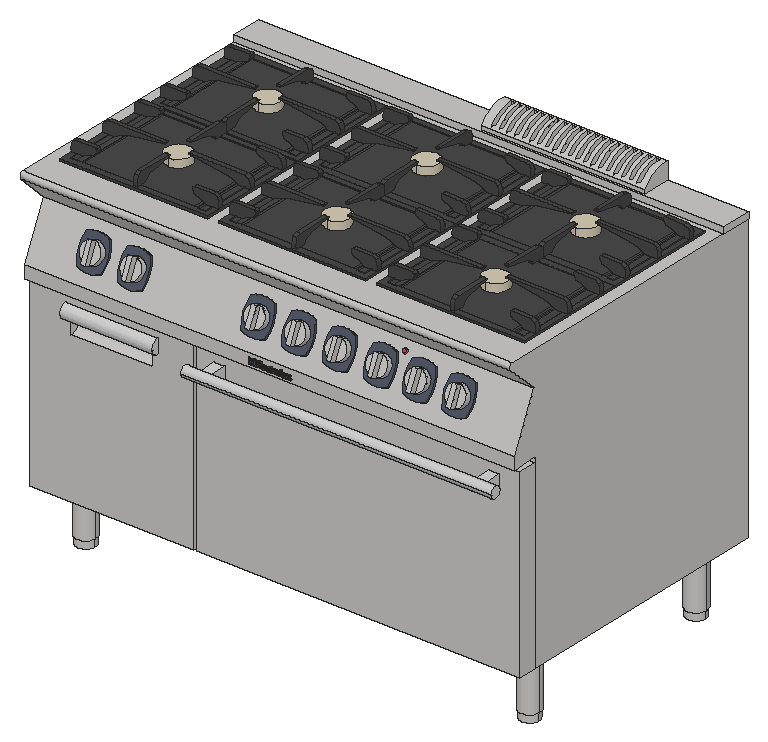
Revit family "QF_ELECTROLUXPROFESSIONAL_371172_E7GCGL6C2A", category Specialty Equipment, Revit 2018
Family settings
  Round Connector Dimension = Use Diameter
  Part Type = Normal
  Work Plane-Based = No
  Always vertical = Yes
  Cut with Voids When Loaded = No
  Shared = No
  Room Calculation Point = No
Parameters (values of type "Standard")
  Weight = 120.00 kg
  Watts = 0 W
  Volts = 380 V
  URL Manufacturer = "http://professional.electrolux.com"
  URL = "http://professional.electrolux.com"
  Steam Supply Size = 0"
  Steam Supply Minimum Pressure = 0.00 psi
  Steam Supply Maximum Pressure = 0.00 psi
  Steam Pounds per Hour = 0
  Show Logo [instance] = yes
  Show Clearance [instance] = yes
  Refrigeration Suction Line Size = 0 mm
  Refrigeration Liquid Line Size = 0 mm
  Refrigerant Compressor Remote = yes
  Phase = 3
  Model = "E7GCGL6C2A"
  Manufacturer = "Electrolux Professional"
  Length Actual = 1200 mm  # constant formula
  Item Number = "371172"
  Hot Water Size = 0"
  Height Actual = 850 mm  # constant formula
  HP = "8 HP"
  Gas Size = 1/2"
  Gas KW = 33
  Gas Input Pressure = 1.10632 Btu/h
  Direct Waste Size = 0"
  Description = "6-BURN.GAS RANGE+EL.OVEN+CUPB.1200MM-AUS"
  Depth Actual = 730 mm  # constant formula
  Cycle = 50 Hz
  Condensate Return Size = 0"
  Compressed Air Volume = 0 GPM
  Compressed Air Size = 0"
  Compressed Air Pressure = 0.00 psi
  Cold Water Size = 0"
  Assembly Code = ""
  Accessory = yes
Reference planes
  plane 1 "BACK": y = 0
  plane 2: z = 0
  plane 3 "LEFT": x = 0
  plane 4 "RIGHT": x = 1200
  plane 5 "FRONT": y = -700
  plane 6 "TOP": z = 908.9
  plane 7 "Center Y": x = 600
  plane 8 "Center X": y = -350
  plane 9 "Base": z = 150
  plane 10: z = 850.9
  plane 11: y = -730.129
  plane 12: y = -1109
Forms (mm)
  Revolve 1, solid, material "QF_Finishes_Stainless Steel"
    sketch origin (1, -90, 0) x (1, 0, 0) y (0, 0, 1)
      loop
        line (55, 0) -> (55, 150) -> (29.6, 150) -> (29.6, 19.05) -> (32.1, 19.05) -> (32.1, 0) -> (55, 0)
      axis (55, 0) -> (55, 150)
    angle from 0 to 360
  Revolve 2, solid, material "QF_Finishes_Stainless Steel"
    sketch origin (1, -599.588, 0) x (1, 0, 0) y (0, 0, 1)
      loop
        line (55, 0) -> (55, 150) -> (29.6, 150) -> (29.6, 19.05) -> (32.1, 19.05) -> (32.1, 0) -> (55, 0)
      axis (55, 0) -> (55, 150)
    angle from 0 to 360
  Revolve 3, solid, material "QF_Finishes_Stainless Steel"
    sketch origin (799, -90, 0) x (-1, 0, 0) y (0, 0, -1)
      loop
        line (-345, 0) -> (-367.9, 0) -> (-367.9, -19.05) -> (-370.4, -19.05) -> (-370.4, -150) -> (-345, -150) -> (-345, 0)
      axis (-345, 0) -> (-345, -150)
    angle from 0 to 360
  Revolve 4, solid, material "QF_Finishes_Stainless Steel"
    sketch origin (799, -599.588, 0) x (-1, 0, 0) y (0, 0, -1)
      loop
        line (-345, 0) -> (-367.9, 0) -> (-367.9, -19.05) -> (-370.4, -19.05) -> (-370.4, -150) -> (-345, -150) -> (-345, 0)
      axis (-345, 0) -> (-345, -150)
    angle from 0 to 360
  Extrusion 5, solid, material "QF_Finishes_Stainless Steel"
    sketch origin (0, 0, 576.213) x (0, 1, 0) y (0, 0, 1)
      loop
        line (0, -426.213) -> (0, 274.687) -> (-721.5, 274.687)
        arc (-721.5, 274.687) -> (-729.472, 269.36) -> (-727.602, 259.956) r 8.63
        line (-727.602, 259.956) -> (-658.266, 190.62) -> (-715.962, 65.264) -> (-715.962, 33.966) -> (-655.839, 38.662)
        arc (-655.839, 38.662) -> (-653.314, 37.914) -> (-652.222, 35.518) r 3.175
        line (-652.222, 35.518) -> (-652.222, -426.213) -> (0, -426.213)
    from 0 to 1200
  Extrusion 6, solid, material "QF_Finishes_Stainless Steel"
    sketch origin (0, -652.222, 611.731) x (0, 0, -1) y (1, 0, 0)
      loop
        line (461.731, 408.5) -> (461.731, 1200) -> (9.61, 1200) -> (9.61, 408.5) -> (461.731, 408.5)
      loop
        line (461.731, 0) -> (461.731, 400.5) -> (9.61, 400.5) -> (9.61, 0) -> (461.731, 0)
      loop
        line (95.781, 100.253) -> (95.781, 300.8) -> (44.981, 300.8) -> (44.981, 100.253) -> (95.781, 100.253)
    from 3.175 to 47.778
  Extrusion 7, solid, material "QF_Finishes_Stainless Steel"
    sketch origin (0, 0, 576.213) x (0, 1, 0) y (0, 0, 1)
      loop
        line (0, 274.687) -> (0, 288.975) -> (-76.2, 288.975) -> (-76.2, 274.687) -> (0, 274.687)
    from 0 to 1200
  Extrusion 8, solid, material "QF_Finishes_Stainless Steel"
    sketch origin (0, 0, 150) x (-1, 0, 0) y (0, -1, 0)
      loop
        circle (-1147.613, 464) r 6.35
    from -8.815 to 7.722
  Extrusion 9, solid, material "QF_Finishes_Door Clearance", visible <- "Show Clearance", detail levels coarse
    sketch origin (0, 0, 0) x (0, 1, 0) y (0, 0, 1)
      loop
        line (-1109, 150) -> (-700, 150) -> (-700, 601.405)
        arc (-700, 601.405) -> (-991.543, 454.568) -> (-1109, 150) r 453.603
    from 0 to 1200
  Extrusion 10, solid, material "QF_Finishes_Clearance", visible <- "Show Clearance", detail levels coarse
    sketch origin (0, 0, 0) x (1, 0, 0) y (0, 1, 0)
      loop
        line (-150, -730.129) -> (0, -730.129) -> (0, 0) -> (1200, 0) -> (1200, -730.129) -> (1350, -730.129) -> (1350, 150) -> (-150, 150) -> (-150, -730.129)
    from 0 to 908.85
  Extrusion 11, solid, material "QF_Finishes_Handrails and Railings"
    sketch origin (400, 0, 0) x (0, 1, 0) y (0, 0, 1)
      loop
        line (-700, 580.001) -> (-738.678, 577.296)
        arc (-738.678, 577.296) -> (-739.871, 563.489) -> (-752.981, 558.993) r 12.7
        arc (-752.981, 558.993) -> (-752.44, 558.176) -> (-751.841, 557.401) r 13.441
        arc (-751.841, 557.401) -> (-750.036, 555.955) -> (-747.808, 555.335) r 5.77
        line (-747.808, 555.335) -> (-700, 551.992) -> (-700, 580.001)
    from 50.8 to 76.2
  Extrusion 12, solid, material "QF_Finishes_Handrails and Railings"
    sketch origin (1200, 0, 0) x (0, 1, 0) y (0, 0, -1)
      loop
        line (-700, -580.001) -> (-700, -551.992) -> (-747.808, -555.335)
        arc (-747.808, -555.335) -> (-750.036, -555.955) -> (-751.841, -557.401) r 5.77
        arc (-751.841, -557.401) -> (-752.44, -558.176) -> (-752.981, -558.993) r 13.441
        arc (-752.981, -558.993) -> (-739.871, -563.489) -> (-738.678, -577.296) r 12.7
        line (-738.678, -577.296) -> (-700, -580.001)
    from 50.8 to 76.2
  Extrusion 13, solid, material "QF_Finishes_Handrails and Railings"
    sketch origin (400, 0, 0) x (0, 1, 0) y (0, 0, 1)
      loop
        circle (-749.878, 571.309) r 12.7
    from 19.875 to 780.125
  Extrusion 14, solid, material "QF_Finishes_Handrails and Railings"
    sketch origin (177.525, -443.896, 1933.213) x (0, 0.885087, 0.465426) y (0, -0.465426, 0.885087)
      loop
        arc (-854.629, -1074.965) -> (-878.641, -1082.427) -> (-871.18, -1106.439) r 17.78
        line (-871.18, -1106.439) -> (-854.629, -1074.965)
    from -89.972 to 135.975
  Extrusion 15, solid, material "QF_Finishes_Stainless Steel"
    sketch origin (-22.5, 0, 28.959) x (0, 1, 0) y (0, 0, 1)
      loop
        line (-700, 486.991) -> (-657.087, 486.991) -> (-657.087, 537.791) -> (-678.147, 537.791) -> (-678.147, 511.464)
        arc (-678.147, 511.464) -> (-684.405, 495.059) -> (-700, 486.991) r 24.63
    from 122.753 to 323.3
  Extrusion 16, solid, material "QF_Finishes_Navy Blue"
    sketch origin (405.244, -713.772, 646.186) x (0, 0.418102, 0.9084) y (-1, 0, 0)
      loop
        arc (102.623, -510.47) -> (67.041, -502.846) -> (31.333, -509.853) r 90.5
        arc (31.333, -509.853) -> (24.507, -539.04) -> (31.333, -568.228) r 65.817
        arc (31.333, -568.228) -> (67.04, -575.188) -> (102.623, -567.615) r 91.066
        arc (102.623, -567.615) -> (109.179, -539.043) -> (102.623, -510.47) r 65.546
    from 0 to 3.175
  Extrusion 17, solid, material "QF_Finishes_Stainless Steel"
    sketch origin (783.994, -717.485, 645.711) x (0, 0.418102, 0.9084) y (-1, 0, 0)
      loop
        circle (68.826, -160.963) r 25.4
    from 0 to 12.7
  Extrusion 18, solid, material "QF_Finishes_Stainless Steel"
    sketch origin (783.994, -729.022, 651.021) x (0, 0.418102, 0.9084) y (-1, 0, 0)
      loop
        arc (93.558, -166.749) -> (94.226, -160.963) -> (93.558, -155.177) r 25.4
        line (93.558, -155.177) -> (44.094, -155.177)
        arc (44.094, -155.177) -> (43.426, -160.963) -> (44.094, -166.749) r 25.4
        line (44.094, -166.749) -> (93.558, -166.749)
    from 0 to 12.7
  Extrusion 19, solid, material "QF_Finishes_Navy Blue"
    sketch origin (-392.256, -713.772, 646.186) x (0, 0.418102, 0.9084) y (-1, 0, 0)
      loop
        arc (102.623, -510.47) -> (67.041, -502.846) -> (31.333, -509.853) r 90.5
        arc (31.333, -509.853) -> (24.507, -539.04) -> (31.333, -568.228) r 65.817
        arc (31.333, -568.228) -> (67.04, -575.188) -> (102.623, -567.615) r 91.066
        arc (102.623, -567.615) -> (109.179, -539.043) -> (102.623, -510.47) r 65.546
    from 0 to 3.175
  Extrusion 20, solid, material "QF_Finishes_Stainless Steel"
    sketch origin (-13.506, -717.485, 645.711) x (0, 0.418102, 0.9084) y (-1, 0, 0)
      loop
        circle (68.826, -160.963) r 25.4
    from 0 to 12.7
  Extrusion 21, solid, material "QF_Finishes_Stainless Steel"
    sketch origin (-13.506, -729.022, 651.021) x (0, 0.418102, 0.9084) y (-1, 0, 0)
      loop
        arc (93.558, -166.749) -> (94.226, -160.963) -> (93.558, -155.177) r 25.4
        line (93.558, -155.177) -> (44.094, -155.177)
        arc (44.094, -155.177) -> (43.426, -160.963) -> (44.094, -166.749) r 25.4
        line (44.094, -166.749) -> (93.558, -166.749)
    from 0 to 12.7
  Extrusion 22, solid, material "QF_Finishes_Navy Blue"
    sketch origin (-292.256, -713.772, 646.186) x (0, 0.418102, 0.9084) y (-1, 0, 0)
      loop
        arc (102.623, -510.47) -> (67.041, -502.846) -> (31.333, -509.853) r 90.5
        arc (31.333, -509.853) -> (24.507, -539.04) -> (31.333, -568.228) r 65.817
        arc (31.333, -568.228) -> (67.04, -575.188) -> (102.623, -567.615) r 91.066
        arc (102.623, -567.615) -> (109.179, -539.043) -> (102.623, -510.47) r 65.546
    from 0 to 3.175
  Extrusion 23, solid, material "QF_Finishes_Stainless Steel"
    sketch origin (86.494, -717.485, 645.711) x (0, 0.418102, 0.9084) y (-1, 0, 0)
      loop
        circle (68.826, -160.963) r 25.4
    from 0 to 12.7
  Extrusion 24, solid, material "QF_Finishes_Stainless Steel"
    sketch origin (86.494, -729.022, 651.021) x (0, 0.418102, 0.9084) y (-1, 0, 0)
      loop
        arc (93.558, -166.749) -> (94.226, -160.963) -> (93.558, -155.177) r 25.4
        line (93.558, -155.177) -> (44.094, -155.177)
        arc (44.094, -155.177) -> (43.426, -160.963) -> (44.094, -166.749) r 25.4
        line (44.094, -166.749) -> (93.558, -166.749)
    from 0 to 12.7
  Extrusion 25, void
    sketch origin (-62.611, 0, 865.138) x (-1, 0, 0) y (0, -1, 0)
      loop
        line (-695.005, 6.761) -> (-685.709, 6.761) -> (-685.709, 63.911) -> (-695.005, 63.911) -> (-695.005, 6.761)
      loop
        line (-713.697, 6.761) -> (-704.401, 6.761) -> (-704.401, 63.911) -> (-713.697, 63.911) -> (-713.697, 6.761)
      loop
        line (-732.39, 6.761) -> (-723.094, 6.761) -> (-723.094, 63.911) -> (-732.39, 63.911) -> (-732.39, 6.761)
      loop
        line (-751.082, 6.761) -> (-741.787, 6.761) -> (-741.787, 63.911) -> (-751.082, 63.911) -> (-751.082, 6.761)
      loop
        line (-769.775, 6.761) -> (-760.479, 6.761) -> (-760.479, 63.911) -> (-769.775, 63.911) -> (-769.775, 6.761)
      loop
        line (-788.468, 6.761) -> (-779.172, 6.761) -> (-779.172, 63.911) -> (-788.468, 63.911) -> (-788.468, 6.761)
      loop
        line (-807.16, 6.761) -> (-797.864, 6.761) -> (-797.864, 63.911) -> (-807.16, 63.911) -> (-807.16, 6.761)
      loop
        line (-825.853, 6.761) -> (-816.557, 6.761) -> (-816.557, 63.911) -> (-825.853, 63.911) -> (-825.853, 6.761)
      loop
        line (-844.545, 6.761) -> (-835.25, 6.761) -> (-835.25, 63.911) -> (-844.545, 63.911) -> (-844.545, 6.761)
      loop
        line (-863.238, 6.761) -> (-853.942, 6.761) -> (-853.942, 63.911) -> (-863.238, 63.911) -> (-863.238, 6.761)
      loop
        line (-881.931, 6.761) -> (-872.635, 6.761) -> (-872.635, 63.911) -> (-881.931, 63.911) -> (-881.931, 6.761)
      loop
        line (-900.623, 6.761) -> (-891.328, 6.761) -> (-891.328, 63.911) -> (-900.623, 63.911) -> (-900.623, 6.761)
      loop
        line (-919.316, 6.761) -> (-910.02, 6.761) -> (-910.02, 63.911) -> (-919.316, 63.911) -> (-919.316, 6.761)
      loop
        line (-938.008, 6.761) -> (-928.713, 6.761) -> (-928.713, 63.911) -> (-938.008, 63.911) -> (-938.008, 6.761)
      loop
        line (-956.701, 6.761) -> (-947.405, 6.761) -> (-947.405, 63.911) -> (-956.701, 63.911) -> (-956.701, 6.761)
      loop
        line (-975.394, 6.761) -> (-966.098, 6.761) -> (-966.098, 63.911) -> (-975.394, 63.911) -> (-975.394, 6.761)
      loop
        line (-994.086, 6.761) -> (-984.791, 6.761) -> (-984.791, 63.911) -> (-994.086, 63.911) -> (-994.086, 6.761)
      loop
        line (-1012.779, 6.761) -> (-1003.483, 6.761) -> (-1003.483, 63.911) -> (-1012.779, 63.911) -> (-1012.779, 6.761)
      loop
        line (-1031.472, 6.761) -> (-1022.176, 6.761) -> (-1022.176, 63.911) -> (-1031.472, 63.911) -> (-1031.472, 6.761)
      loop
        line (-1050.164, 6.761) -> (-1040.868, 6.761) -> (-1040.868, 63.911) -> (-1050.164, 63.911) -> (-1050.164, 6.761)
    from 9.525 to 45.348
  Extrusion 26, solid, material "QF_Finishes_Stainless Steel"
    sketch origin (202.4, 0, 590.5) x (0, 1, 0) y (0, 0, 1)
      loop
        line (0, 274.688) -> (0, 318.4)
        arc (0, 318.4) -> (-39.072, 309.779) -> (-69.85, 284.212) r 84.854
        line (-69.85, 284.212) -> (-69.85, 274.688) -> (0, 274.688)
    from 400 to 800
  Extrusion 27, solid, material "QF_Finishes_Navy Blue"
    sketch origin (502.744, -713.772, 646.186) x (0, 0.418102, 0.9084) y (-1, 0, 0)
      loop
        arc (102.623, -510.47) -> (67.041, -502.846) -> (31.333, -509.853) r 90.5
        arc (31.333, -509.853) -> (24.507, -539.04) -> (31.333, -568.228) r 65.817
        arc (31.333, -568.228) -> (67.04, -575.188) -> (102.623, -567.615) r 91.066
        arc (102.623, -567.615) -> (109.179, -539.043) -> (102.623, -510.47) r 65.546
    from 0 to 3.175
  Extrusion 28, solid, material "QF_Finishes_Stainless Steel"
    sketch origin (881.494, -717.485, 645.711) x (0, 0.418102, 0.9084) y (-1, 0, 0)
      loop
        circle (68.826, -160.963) r 25.4
    from 0 to 12.7
  Extrusion 29, solid, material "QF_Finishes_Stainless Steel"
    sketch origin (881.494, -729.022, 651.021) x (0, 0.418102, 0.9084) y (-1, 0, 0)
      loop
        arc (93.558, -166.749) -> (94.226, -160.963) -> (93.558, -155.177) r 25.4
        line (93.558, -155.177) -> (44.094, -155.177)
        arc (44.094, -155.177) -> (43.426, -160.963) -> (44.094, -166.749) r 25.4
        line (44.094, -166.749) -> (93.558, -166.749)
    from 0 to 12.7
  Extrusion 30, solid, material "QF_Finishes_Navy Blue"
    sketch origin (10.244, -713.772, 646.186) x (0, 0.418102, 0.9084) y (-1, 0, 0)
      loop
        arc (102.623, -510.47) -> (67.041, -502.846) -> (31.333, -509.853) r 90.5
        arc (31.333, -509.853) -> (24.507, -539.04) -> (31.333, -568.228) r 65.817
        arc (31.333, -568.228) -> (67.04, -575.188) -> (102.623, -567.615) r 91.066
        arc (102.623, -567.615) -> (109.179, -539.043) -> (102.623, -510.47) r 65.546
    from 0 to 3.175
  Extrusion 31, solid, material "QF_Finishes_Stainless Steel"
    sketch origin (388.994, -717.485, 645.711) x (0, 0.418102, 0.9084) y (-1, 0, 0)
      loop
        circle (68.826, -160.963) r 25.4
    from 0 to 12.7
  Extrusion 32, solid, material "QF_Finishes_Stainless Steel"
    sketch origin (388.994, -729.022, 651.021) x (0, 0.418102, 0.9084) y (-1, 0, 0)
      loop
        arc (93.558, -166.749) -> (94.226, -160.963) -> (93.558, -155.177) r 25.4
        line (93.558, -155.177) -> (44.094, -155.177)
        arc (44.094, -155.177) -> (43.426, -160.963) -> (44.094, -166.749) r 25.4
        line (44.094, -166.749) -> (93.558, -166.749)
    from 0 to 12.7
  Extrusion 33, solid, material "QF_Finishes_Navy Blue"
    sketch origin (110.244, -713.772, 646.186) x (0, 0.418102, 0.9084) y (-1, 0, 0)
      loop
        arc (102.623, -510.47) -> (67.041, -502.846) -> (31.333, -509.853) r 90.5
        arc (31.333, -509.853) -> (24.507, -539.04) -> (31.333, -568.228) r 65.817
        arc (31.333, -568.228) -> (67.04, -575.188) -> (102.623, -567.615) r 91.066
        arc (102.623, -567.615) -> (109.179, -539.043) -> (102.623, -510.47) r 65.546
    from 0 to 3.175
  Extrusion 34, solid, material "QF_Finishes_Stainless Steel"
    sketch origin (488.994, -717.485, 645.711) x (0, 0.418102, 0.9084) y (-1, 0, 0)
      loop
        circle (68.826, -160.963) r 25.4
    from 0 to 12.7
  Extrusion 35, solid, material "QF_Finishes_Stainless Steel"
    sketch origin (488.994, -729.022, 651.021) x (0, 0.418102, 0.9084) y (-1, 0, 0)
      loop
        arc (93.558, -166.749) -> (94.226, -160.963) -> (93.558, -155.177) r 25.4
        line (93.558, -155.177) -> (44.094, -155.177)
        arc (44.094, -155.177) -> (43.426, -160.963) -> (44.094, -166.749) r 25.4
        line (44.094, -166.749) -> (93.558, -166.749)
    from 0 to 12.7
  Extrusion 36, solid, material "QF_Finishes_Navy Blue"
    sketch origin (210.244, -713.772, 646.186) x (0, 0.418102, 0.9084) y (-1, 0, 0)
      loop
        arc (102.623, -510.47) -> (67.041, -502.846) -> (31.333, -509.853) r 90.5
        arc (31.333, -509.853) -> (24.507, -539.04) -> (31.333, -568.228) r 65.817
        arc (31.333, -568.228) -> (67.04, -575.188) -> (102.623, -567.615) r 91.066
        arc (102.623, -567.615) -> (109.179, -539.043) -> (102.623, -510.47) r 65.546
    from 0 to 3.175
  Extrusion 37, solid, material "QF_Finishes_Stainless Steel"
    sketch origin (588.994, -717.485, 645.711) x (0, 0.418102, 0.9084) y (-1, 0, 0)
      loop
        circle (68.826, -160.963) r 25.4
    from 0 to 12.7
  Extrusion 38, solid, material "QF_Finishes_Stainless Steel"
    sketch origin (588.994, -729.022, 651.021) x (0, 0.418102, 0.9084) y (-1, 0, 0)
      loop
        arc (93.558, -166.749) -> (94.226, -160.963) -> (93.558, -155.177) r 25.4
        line (93.558, -155.177) -> (44.094, -155.177)
        arc (44.094, -155.177) -> (43.426, -160.963) -> (44.094, -166.749) r 25.4
        line (44.094, -166.749) -> (93.558, -166.749)
    from 0 to 12.7
  Extrusion 39, solid, material "QF_Finishes_Navy Blue"
    sketch origin (310.244, -713.772, 646.186) x (0, 0.418102, 0.9084) y (-1, 0, 0)
      loop
        arc (102.623, -510.47) -> (67.041, -502.846) -> (31.333, -509.853) r 90.5
        arc (31.333, -509.853) -> (24.507, -539.04) -> (31.333, -568.228) r 65.817
        arc (31.333, -568.228) -> (67.04, -575.188) -> (102.623, -567.615) r 91.066
        arc (102.623, -567.615) -> (109.179, -539.043) -> (102.623, -510.47) r 65.546
    from 0 to 3.175
  Extrusion 40, solid, material "QF_Finishes_Stainless Steel"
    sketch origin (688.994, -717.485, 645.711) x (0, 0.418102, 0.9084) y (-1, 0, 0)
      loop
        circle (68.826, -160.963) r 25.4
    from 0 to 12.7
  Extrusion 41, solid, material "QF_Finishes_Stainless Steel"
    sketch origin (688.994, -729.022, 651.021) x (0, 0.418102, 0.9084) y (-1, 0, 0)
      loop
        arc (93.558, -166.749) -> (94.226, -160.963) -> (93.558, -155.177) r 25.4
        line (93.558, -155.177) -> (44.094, -155.177)
        arc (44.094, -155.177) -> (43.426, -160.963) -> (44.094, -166.749) r 25.4
        line (44.094, -166.749) -> (93.558, -166.749)
    from 0 to 12.7
  Extrusion 42, solid, material "QF_Finishes_Red"
    sketch origin (0, -658.266, 766.833) x (0, -0.418102, -0.9084) y (1, 0, 0)
      loop
        circle (22.847, 894.112) r 5
    from 0 to 1.6
  Extrusion 43, solid, material "QF_Finishes_Stainless Steel"
    sketch origin (0, -50, 150) x (-1, 0, 0) y (0, -1, 0)
      loop
        circle (-1147.613, 464) r 3.175
    from -1.55 to 7.722
  Extrusion 44, solid, material "QF_Finishes_Navy Blue", visible <- "Show Logo"
    sketch origin (261.109, -715.962, 610.773) x (0, 0, 1) y (-1, 0, 0)
      loop
        line (20.674, -296.698) -> (8.307, -296.698)
        arc (8.307, -296.698) -> (14.491, -301.27) -> (20.674, -296.698) r 6.467
      loop
        arc (20.674, -296.069) -> (19.505, -290.926) -> (14.849, -288.448) r 6.338
        line (14.849, -288.448) -> (14.849, -290.494)
        arc (14.849, -290.494) -> (16.333, -294.149) -> (19.778, -296.069) r 5.941
        line (19.778, -296.069) -> (20.674, -296.069)
      loop
        arc (9.203, -296.069) -> (12.648, -294.149) -> (14.132, -290.494) r 5.941
        line (14.132, -290.494) -> (14.132, -288.448)
        arc (14.132, -288.448) -> (9.438, -290.922) -> (8.148, -296.069) r 6.504
        line (8.148, -296.069) -> (9.203, -296.069)
      loop
        line (21.349, -287.979) -> (7.604, -287.979) -> (7.604, -301.742) -> (21.349, -301.742) -> (21.349, -287.979)
      loop
        arc (21.432, -304.71) -> (21.085, -304.352) -> (20.718, -304.69) r 0.358
        arc (20.718, -304.69) -> (20.404, -305.44) -> (19.687, -305.825) r 1.216
        line (19.687, -305.825) -> (9.274, -305.825)
        arc (9.274, -305.825) -> (8.614, -305.548) -> (8.218, -304.951) r 1.238
        arc (8.218, -304.951) -> (7.823, -304.7) -> (7.518, -305.054) r 0.358
        line (7.518, -305.054) -> (7.518, -314.933) -> (10.269, -314.933) -> (10.269, -314.036)
        arc (10.269, -314.036) -> (9.36, -313.456) -> (8.904, -312.479) r 1.928
        line (8.904, -312.479) -> (8.904, -309.98)
        arc (8.904, -309.98) -> (9.18, -309.251) -> (9.868, -308.887) r 1.101
        line (9.868, -308.887) -> (13.955, -308.887) -> (13.955, -312.561)
        arc (13.955, -312.561) -> (13.602, -313.058) -> (13.037, -313.286) r 1.083
        arc (13.037, -313.286) -> (12.773, -313.591) -> (13.065, -313.869) r 0.292
        line (13.065, -313.869) -> (16.028, -313.869)
        arc (16.028, -313.869) -> (16.33, -313.596) -> (16.092, -313.266) r 0.305
        arc (16.092, -313.266) -> (15.601, -313.018) -> (15.296, -312.561) r 1.083
        line (15.296, -312.561) -> (15.296, -308.887) -> (19.973, -308.887) -> (19.973, -312.635)
        arc (19.973, -312.635) -> (19.759, -313.39) -> (19.153, -313.888) r 1.314
        arc (19.153, -313.888) -> (18.934, -314.292) -> (19.288, -314.585) r 0.361
        line (19.288, -314.585) -> (21.432, -314.585) -> (21.432, -304.71)
      loop
        arc (20.715, -315.365) -> (20.335, -316.284) -> (19.416, -316.664) r 1.299
        line (19.416, -316.664) -> (9.837, -316.664)
        arc (9.837, -316.664) -> (8.999, -316.286) -> (8.728, -315.408) r 1.118
        line (8.728, -315.408) -> (7.518, -315.408) -> (7.518, -320.758) -> (8.706, -320.758)
        arc (8.706, -320.758) -> (8.978, -319.841) -> (9.848, -319.445) r 1.153
        line (9.848, -319.445) -> (21.92, -319.445) -> (20.715, -315.365)
      loop
        line (12.483, -323.394) -> (12.483, -329.842) -> (13.282, -329.842)
        arc (13.282, -329.842) -> (15.862, -328.857) -> (17.131, -326.404) r 3.874
        line (17.131, -326.404) -> (17.131, -324.643)
        arc (17.131, -324.643) -> (15.944, -321.778) -> (13.08, -320.592) r 4.051
        line (13.08, -320.592) -> (11.072, -320.592)
        arc (11.072, -320.592) -> (8.253, -322.077) -> (7.202, -325.084) r 4.352
        arc (7.202, -325.084) -> (7.566, -327.547) -> (8.943, -329.621) r 5.713
        line (8.943, -329.621) -> (9.892, -329.621)
        arc (9.892, -329.621) -> (9.16, -328.052) -> (8.943, -326.334) r 5.579
        arc (8.943, -326.334) -> (9.737, -324.371) -> (11.616, -323.394) r 3.057
        line (11.616, -323.394) -> (12.483, -323.394)
      loop
        line (13.742, -323.394) -> (13.742, -326.977)
        arc (13.742, -326.977) -> (15.199, -327.024) -> (16.082, -325.864) r 1.59
        line (16.082, -325.864) -> (16.082, -325.034)
        arc (16.082, -325.034) -> (15.217, -323.779) -> (13.742, -323.394) r 2.184
      loop
        arc (16.533, -339.259) -> (17.022, -337.585) -> (17.179, -335.848) r 9.023
        line (17.179, -335.848) -> (17.179, -334.486)
        arc (17.179, -334.486) -> (16.02, -331.686) -> (13.22, -330.527) r 3.959
        line (13.22, -330.527) -> (10.62, -330.527)
        arc (10.62, -330.527) -> (8.338, -331.819) -> (7.221, -334.192) r 4.331
        line (7.221, -334.192) -> (7.221, -336.327)
        arc (7.221, -336.327) -> (7.729, -337.877) -> (8.651, -339.223) r 5.772
        arc (8.651, -339.223) -> (9.412, -339.274) -> (9.499, -338.515) r 0.553
        arc (9.499, -338.515) -> (9.111, -337.781) -> (8.977, -336.962) r 2.573
        line (8.977, -336.962) -> (8.977, -335.447)
        arc (8.977, -335.447) -> (9.983, -333.806) -> (11.798, -333.163) r 2.884
        line (11.798, -333.163) -> (13.077, -333.163)
        arc (13.077, -333.163) -> (14.898, -333.723) -> (15.824, -335.388) r 2.554
        line (15.824, -335.388) -> (15.824, -336.441)
        arc (15.824, -336.441) -> (15.493, -337.369) -> (14.836, -338.104) r 2.564
        arc (14.836, -338.104) -> (14.614, -338.821) -> (15.223, -339.259) r 0.643
        line (15.223, -339.259) -> (16.533, -339.259)
      loop
        line (15.515, -339.53) -> (15.515, -341.031) -> (9.467, -341.031)
        arc (9.467, -341.031) -> (7.879, -341.688) -> (7.221, -343.276) r 2.246
        line (7.221, -343.276) -> (7.221, -344.86)
        arc (7.221, -344.86) -> (7.535, -345.725) -> (8.035, -346.496) r 4.06
        arc (8.035, -346.496) -> (8.768, -346.629) -> (9.019, -345.928) r 0.576
        arc (9.019, -345.928) -> (8.913, -345.403) -> (8.977, -344.87) r 1.69
        arc (8.977, -344.87) -> (9.519, -344.082) -> (10.425, -343.779) r 1.506
        line (10.425, -343.779) -> (15.563, -343.779) -> (15.563, -346.176) -> (16.119, -346.733) -> (16.941, -346.733) -> (16.941, -343.873) -> (20.172, -343.873) -> (15.515, -339.53)
      loop
        line (7.438, -347.63) -> (7.438, -353.017) -> (8.548, -353.017)
        arc (8.548, -353.017) -> (8.942, -352.066) -> (9.893, -351.672) r 1.345
        line (9.893, -351.672) -> (13.509, -351.672)
        arc (13.509, -351.672) -> (14.274, -352.264) -> (14.564, -353.186) r 1.615
        line (14.564, -353.186) -> (14.564, -354.742) -> (17.119, -355.427) -> (17.119, -354.044) -> (15.177, -351.485) -> (17.057, -351.485) -> (16.773, -348.779)
        arc (16.773, -348.779) -> (16.333, -348.249) -> (15.674, -348.45) r 0.621
        arc (15.674, -348.45) -> (15.274, -348.792) -> (14.78, -348.975) r 1.501
        line (14.78, -348.975) -> (9.893, -348.975)
        arc (9.893, -348.975) -> (8.942, -348.581) -> (8.548, -347.63) r 1.345
        line (8.548, -347.63) -> (7.438, -347.63)
      loop
        line (13.54, -354.964) -> (10.848, -354.964)
        arc (10.848, -354.964) -> (8.403, -356.272) -> (7.269, -358.803) r 4.288
        arc (7.269, -358.803) -> (7.205, -360.183) -> (7.269, -361.563) r 15.022
        arc (7.269, -361.563) -> (8.403, -364.094) -> (10.848, -365.401) r 4.288
        line (10.848, -365.401) -> (13.54, -365.401)
        arc (13.54, -365.401) -> (15.986, -364.094) -> (17.119, -361.563) r 4.288
        arc (17.119, -361.563) -> (17.183, -360.183) -> (17.119, -358.803) r 15.022
        arc (17.119, -358.803) -> (15.986, -356.272) -> (13.54, -354.964) r 4.288
      loop
        line (13.745, -358.078) -> (10.643, -358.078)
        arc (10.643, -358.078) -> (8.486, -360.235) -> (10.643, -362.392) r 2.157
        line (10.643, -362.392) -> (13.745, -362.392)
        arc (13.745, -362.392) -> (15.902, -360.235) -> (13.745, -358.078) r 2.157
      loop
        arc (20.726, -365.26) -> (20.355, -366.154) -> (19.461, -366.524) r 1.264
        line (19.461, -366.524) -> (9.597, -366.524)
        arc (9.597, -366.524) -> (8.727, -366.127) -> (8.455, -365.211) r 1.153
        line (8.455, -365.211) -> (7.518, -365.211) -> (7.518, -370.319) -> (8.446, -370.319)
        arc (8.446, -370.319) -> (8.805, -369.547) -> (9.597, -369.232) r 1.153
        line (9.597, -369.232) -> (21.92, -369.232) -> (20.726, -365.26)
      loop
        arc (15.846, -369.857) -> (15.647, -370.921) -> (14.678, -371.403) r 1.215
        line (14.678, -371.403) -> (9.658, -371.403)
        arc (9.658, -371.403) -> (8.043, -372.051) -> (7.322, -373.634) r 2.338
        line (7.322, -373.634) -> (7.322, -375.148)
        arc (7.322, -375.148) -> (7.497, -376.152) -> (7.999, -377.038) r 2.979
        line (7.999, -377.038) -> (7.518, -378.835) -> (7.518, -380.524) -> (16.943, -380.524) -> (16.649, -376.32) -> (15.863, -376.32)
        arc (15.863, -376.32) -> (15.507, -377.156) -> (14.755, -377.665) r 1.605
        line (14.755, -377.665) -> (9.652, -377.665)
        arc (9.652, -377.665) -> (9.232, -376.728) -> (9.159, -375.704) r 2.94
        arc (9.159, -375.704) -> (9.72, -374.603) -> (10.873, -374.16) r 1.724
        line (10.873, -374.16) -> (17.07, -374.16) -> (15.846, -369.857)
      loop
        line (16.874, -381.377) -> (15.202, -383.423) -> (12.028, -385.729) -> (8.572, -382.617)
        arc (8.572, -382.617) -> (8.335, -382.223) -> (8.357, -381.764) r 0.789
        line (8.357, -381.764) -> (7.518, -381.764) -> (7.518, -385.309) -> (8.344, -385.309)
        arc (8.344, -385.309) -> (8.686, -384.947) -> (9.176, -385.039) r 0.52
        line (9.176, -385.039) -> (10.976, -386.51) -> (8.858, -387.886)
        arc (8.858, -387.886) -> (8.457, -387.576) -> (8.37, -387.076) r 0.7
        line (8.37, -387.076) -> (7.518, -387.076) -> (7.518, -393.003) -> (8.405, -393.003)
        arc (8.405, -393.003) -> (8.472, -392.344) -> (8.866, -391.813) r 1.247
        line (8.866, -391.813) -> (13.066, -388.532) -> (15.513, -390.585) -> (16.874, -392.327) -> (16.874, -388.604) -> (15.389, -389.026) -> (13.868, -387.749) -> (15.568, -386.559) -> (16.874, -387.336) -> (16.874, -381.377)
    from 0 to 1.644
Cuts and joins
  Extrusion 25 cuts Extrusion 7
  joined: Extrusion 6, Extrusion 15
  Extrusion 25 cuts Extrusion 10
  Extrusion 25 cuts Extrusion 26
Lines and regions (mm)
  symbolic lines, style "QF-Door Swings"
    curve 1: line (0, -730.129, 150) -> (0, -1109, 150)
    curve 2: line (0, -1109, 150) -> (1200, -1109, 150)
    curve 3: line (1200, -1109, 150) -> (1200, -730.129, 150)
  symbolic lines
    curve 4: line (1200, -730.129, 150) -> (0, -730.129, 150)
    curve 5: line (0, 0, 150) -> (0, -730.129, 150)
    curve 6: line (0, -69.85, 150) -> (1200, -69.85, 150)
    curve 7: line (0, -76.2, 150) -> (1200, -76.2, 150)
    curve 8: line (1200, -730.129, 150) -> (1200, 0, 150)
    curve 9: line (0, 0, 150) -> (1200, 0, 150)
    curve 13: line (1180.125, -762.578, 150) -> (419.875, -762.578, 150)
    curve 14: line (1180.125, -737.178, 150) -> (1180.125, -762.578, 150)
    curve 15: line (1149.2, -738.678, 150) -> (1149.2, -730.129, 150)
    curve 16: line (1123.8, -738.678, 150) -> (1123.8, -730.129, 150)
    curve 17: line (1123.8, -738.678, 150) -> (1149.2, -738.678, 150)
    curve 18: line (419.875, -737.178, 150) -> (450.8, -737.178, 150)
    curve 19: line (1149.2, -737.178, 150) -> (1180.125, -737.178, 150)
    curve 20: line (632.394, -6.761, 150) -> (632.394, -63.911, 150)
    curve 21: line (632.394, -63.911, 150) -> (623.098, -63.911, 150)
    curve 22: line (623.098, -63.911, 150) -> (623.098, -6.761, 150)
    curve 23: line (623.098, -6.761, 150) -> (632.394, -6.761, 150)
    curve 24: line (838.012, -6.761, 150) -> (838.012, -63.911, 150)
    curve 25: line (838.012, -63.911, 150) -> (828.717, -63.911, 150)
    curve 26: line (828.717, -63.911, 150) -> (828.717, -6.761, 150)
    curve 27: line (828.717, -6.761, 150) -> (838.012, -6.761, 150)
    curve 28: line (819.32, -6.761, 150) -> (819.32, -63.911, 150)
    curve 29: line (819.32, -63.911, 150) -> (810.024, -63.911, 150)
    curve 30: line (810.024, -63.911, 150) -> (810.024, -6.761, 150)
    curve 31: line (810.024, -6.761, 150) -> (819.32, -6.761, 150)
    curve 32: line (800.627, -6.761, 150) -> (800.627, -63.911, 150)
    curve 33: line (800.627, -63.911, 150) -> (791.331, -63.911, 150)
    curve 34: line (791.331, -63.911, 150) -> (791.331, -6.761, 150)
    curve 35: line (791.331, -6.761, 150) -> (800.627, -6.761, 150)
    curve 36: line (781.934, -6.761, 150) -> (781.934, -63.911, 150)
    curve 37: line (781.934, -63.911, 150) -> (772.639, -63.911, 150)
    curve 38: line (772.639, -63.911, 150) -> (772.639, -6.761, 150)
    curve 39: line (772.639, -6.761, 150) -> (781.934, -6.761, 150)
    curve 40: line (763.242, -6.761, 150) -> (763.242, -63.911, 150)
    curve 41: line (763.242, -63.911, 150) -> (753.946, -63.911, 150)
    curve 42: line (753.946, -63.911, 150) -> (753.946, -6.761, 150)
    curve 43: line (753.946, -6.761, 150) -> (763.242, -6.761, 150)
    curve 44: line (744.549, -6.761, 150) -> (744.549, -63.911, 150)
    curve 45: line (744.549, -63.911, 150) -> (735.253, -63.911, 150)
    curve 46: line (735.253, -63.911, 150) -> (735.253, -6.761, 150)
    curve 47: line (735.253, -6.761, 150) -> (744.549, -6.761, 150)
    curve 48: line (725.857, -6.761, 150) -> (725.857, -63.911, 150)
    curve 49: line (725.857, -63.911, 150) -> (716.561, -63.911, 150)
    curve 50: line (716.561, -63.911, 150) -> (716.561, -6.761, 150)
    curve 51: line (716.561, -6.761, 150) -> (725.857, -6.761, 150)
    curve 52: line (707.164, -6.761, 150) -> (707.164, -63.911, 150)
    curve 53: line (707.164, -63.911, 150) -> (697.868, -63.911, 150)
    curve 54: line (697.868, -63.911, 150) -> (697.868, -6.761, 150)
    curve 55: line (697.868, -6.761, 150) -> (707.164, -6.761, 150)
    curve 56: line (688.471, -6.761, 150) -> (688.471, -63.911, 150)
    curve 57: line (688.471, -63.911, 150) -> (679.176, -63.911, 150)
    curve 58: line (679.176, -63.911, 150) -> (679.176, -6.761, 150)
    curve 59: line (679.176, -6.761, 150) -> (688.471, -6.761, 150)
    curve 60: line (669.779, -6.761, 150) -> (669.779, -63.911, 150)
    curve 61: line (669.779, -63.911, 150) -> (660.483, -63.911, 150)
    curve 62: line (660.483, -63.911, 150) -> (660.483, -6.761, 150)
    curve 63: line (660.483, -6.761, 150) -> (669.779, -6.761, 150)
    curve 64: line (651.086, -6.761, 150) -> (651.086, -63.911, 150)
    curve 65: line (651.086, -63.911, 150) -> (641.79, -63.911, 150)
    curve 66: line (641.79, -63.911, 150) -> (641.79, -6.761, 150)
    curve 67: line (641.79, -6.761, 150) -> (651.086, -6.761, 150)
    curve 68: line (987.553, -6.761, 150) -> (987.553, -63.911, 150)
    curve 69: line (987.553, -63.911, 150) -> (978.257, -63.911, 150)
    curve 70: line (978.257, -63.911, 150) -> (978.257, -6.761, 150)
    curve 71: line (978.257, -6.761, 150) -> (987.553, -6.761, 150)
    curve 72: line (968.861, -6.761, 150) -> (968.861, -63.911, 150)
    curve 73: line (968.861, -63.911, 150) -> (959.565, -63.911, 150)
    curve 74: line (959.565, -63.911, 150) -> (959.565, -6.761, 150)
    curve 75: line (959.565, -6.761, 150) -> (968.861, -6.761, 150)
    curve 76: line (950.168, -6.761, 150) -> (950.168, -63.911, 150)
    curve 77: line (950.168, -63.911, 150) -> (940.872, -63.911, 150)
    curve 78: line (940.872, -63.911, 150) -> (940.872, -6.761, 150)
    curve 79: line (940.872, -6.761, 150) -> (950.168, -6.761, 150)
    curve 80: line (931.475, -6.761, 150) -> (931.475, -63.911, 150)
    curve 81: line (931.475, -63.911, 150) -> (922.18, -63.911, 150)
    curve 82: line (922.18, -63.911, 150) -> (922.18, -6.761, 150)
    curve 83: line (922.18, -6.761, 150) -> (931.475, -6.761, 150)
    curve 84: line (912.783, -6.761, 150) -> (912.783, -63.911, 150)
    curve 85: line (912.783, -63.911, 150) -> (903.487, -63.911, 150)
    curve 86: line (903.487, -63.911, 150) -> (903.487, -6.761, 150)
    curve 87: line (903.487, -6.761, 150) -> (912.783, -6.761, 150)
    curve 88: line (894.09, -6.761, 150) -> (894.09, -63.911, 150)
    curve 89: line (894.09, -63.911, 150) -> (884.794, -63.911, 150)
    curve 90: line (884.794, -63.911, 150) -> (884.794, -6.761, 150)
    curve 91: line (884.794, -6.761, 150) -> (894.09, -6.761, 150)
    curve 92: line (875.397, -6.761, 150) -> (875.397, -63.911, 150)
    curve 93: line (875.397, -63.911, 150) -> (866.102, -63.911, 150)
    curve 94: line (866.102, -63.911, 150) -> (866.102, -6.761, 150)
    curve 95: line (866.102, -6.761, 150) -> (875.397, -6.761, 150)
    curve 96: line (856.705, -6.761, 150) -> (856.705, -63.911, 150)
    curve 97: line (856.705, -63.911, 150) -> (847.409, -63.911, 150)
    curve 98: line (847.409, -63.911, 150) -> (847.409, -6.761, 150)
    curve 99: line (847.409, -6.761, 150) -> (856.705, -6.761, 150)
    curve 100: line (1002.4, -69.85, 150) -> (1002.4, 0, 150)
    curve 101: line (602.4, -69.85, 150) -> (602.4, 0, 150)
    curve 102: line (450.8, -738.678, 150) -> (450.8, -730.129, 150)
    curve 103: line (476.2, -730.129, 150) -> (476.2, -738.678, 150)
    curve 104: line (419.875, -737.178, 150) -> (450.8, -737.178, 150)
    curve 105: line (419.875, -762.578, 150) -> (419.875, -737.178, 150)
    curve 106: line (450.8, -738.678, 150) -> (476.2, -738.678, 150)
    curve 107: line (476.2, -737.178, 150) -> (1123.8, -737.178, 150)
  symbolic lines, style "QF-Clearances", visible <- "Show Clearance", detail levels coarse
    curve 10: line (-150, -730.129, 150) -> (-150, 150, 150)
    curve 11: line (-150, 150, 150) -> (1350, 150, 150)
    curve 12: line (1350, 150, 150) -> (1350, -730.129, 150)
Dimensions and locks
  equal spacing: plane 3 "LEFT", plane 7 "Center Y", plane 4 "RIGHT"
  plane 3 "LEFT" to plane 4 "RIGHT" = 1200 mm
  equal spacing: plane 5 "FRONT", plane 8 "Center X", plane 1 "BACK"
  plane 5 "FRONT" to plane 1 "BACK" = 700 mm
  plane 6 "TOP" to level = 908.9 mm
  plane 9 "Base" to level = 150 mm
  plane 6 "TOP" to plane 10 = 58 mm  (x2)
  plane 1 "BACK" to plane 11 = 730.129 mm
  plane 1 "BACK" to plane 12 = 1109 mm
  aligned and locked: level to plane 2
Automatic sketch dimensions
  Revolve 1 sketch curve to plane 9 "Base" = 0 mm  (x2)
  Revolve 1 sketch curve to level = 0 mm
  plane 3 "LEFT" to Revolve 1 sketch curve = 30.6 mm
  Revolve 1 sketch curve to Revolve 1 sketch curve = 2.5 mm
  Revolve 1 sketch curve to Revolve 1 sketch curve = 25.4 mm
  Revolve 1 sketch curve to Revolve 1 sketch curve = 0 mm
  level to Revolve 1 sketch curve = 19.05 mm
  plane 9 "Base" to Revolve 1 sketch curve = 20 mm
  Revolve 2 sketch curve to plane 9 "Base" = 0 mm  (x2)
  Revolve 2 sketch curve to level = 0 mm
  plane 3 "LEFT" to Revolve 2 sketch curve = 30.6 mm
  Revolve 2 sketch curve to Revolve 2 sketch curve = 2.5 mm
  Revolve 2 sketch curve to Revolve 2 sketch curve = 25.4 mm
  Revolve 2 sketch curve to Revolve 2 sketch curve = 0 mm
  level to Revolve 2 sketch curve = 19.05 mm
  plane 9 "Base" to Revolve 2 sketch curve = 20 mm
  Revolve 3 sketch curve to plane 9 "Base" = 0 mm  (x2)
  Revolve 3 sketch curve to level = 0 mm
  Revolve 3 sketch curve to plane 4 "RIGHT" = 30.6 mm
  Revolve 3 sketch curve to Revolve 3 sketch curve = 2.5 mm
  Revolve 3 sketch curve to Revolve 3 sketch curve = 25.4 mm
  Revolve 3 sketch curve to Revolve 3 sketch curve = 0 mm
  plane 9 "Base" to Revolve 3 sketch curve = 20 mm
  level to Revolve 3 sketch curve = 19.05 mm
  Revolve 4 sketch curve to plane 9 "Base" = 0 mm  (x2)
  Revolve 4 sketch curve to level = 0 mm
  Revolve 4 sketch curve to plane 4 "RIGHT" = 30.6 mm
  Revolve 4 sketch curve to Revolve 4 sketch curve = 2.5 mm
  Revolve 4 sketch curve to Revolve 4 sketch curve = 25.4 mm
  Revolve 4 sketch curve to Revolve 4 sketch curve = 0 mm
  plane 9 "Base" to Revolve 4 sketch curve = 20 mm
  level to Revolve 4 sketch curve = 19.05 mm
  Extrusion 5 sketch curve to plane 10 = 0 mm
  Extrusion 5 sketch curve to plane 9 "Base" = 0 mm
  Extrusion 5 sketch curve to plane 1 "BACK" = 0 mm
  Extrusion 5 sketch curve to plane 5 "FRONT" = 47.778 mm
  Extrusion 5 sketch curve to Extrusion 5 sketch curve = 3.175 mm
  Extrusion 5 sketch curve to Extrusion 5 sketch curve = 0.442 mm
  Extrusion 5 sketch curve to plane 5 "FRONT" = 41.734 mm
  Extrusion 5 sketch curve to plane 11 = 14.167 mm
  Extrusion 5 sketch curve to plane 11 = 8.63 mm
  Extrusion 5 sketch curve to plane 11 = 2.528 mm
  Extrusion 5 sketch curve to plane 10 = 240.721 mm
  Extrusion 5 sketch curve to Extrusion 5 sketch curve = 1.552 mm
  Extrusion 5 sketch curve to Extrusion 5 sketch curve = 31.298 mm
  Extrusion 5 sketch curve to plane 10 = 84.067 mm
  Extrusion 5 sketch curve to plane 10 = 14.732 mm
  Extrusion 6 sketch curve to Extrusion 5 = 0 mm  (x3)
  Extrusion 5 to Extrusion 6 sketch curve = 0 mm
  Extrusion 5 to Extrusion 6 sketch curve = 95.781 mm
  Extrusion 5 to Extrusion 6 sketch curve = 44.981 mm
  Extrusion 5 to Extrusion 6 sketch curve = 9.61 mm  (x2)
  Extrusion 5 to Extrusion 6 sketch curve = 100.253 mm
  Extrusion 6 sketch curve to Extrusion 6 sketch curve = 200.547 mm
  Extrusion 6 sketch curve to Extrusion 6 sketch curve = 99.7 mm
  Extrusion 6 sketch curve to Extrusion 6 sketch curve = 8 mm
  Extrusion 7 sketch curve to plane 10 = 0 mm
  Extrusion 7 sketch curve to plane 1 "BACK" = 0 mm
  plane 10 to Extrusion 7 sketch curve = 14.288 mm
  Extrusion 7 sketch curve to Extrusion 7 sketch curve = 76.2 mm
  Extrusion 8 sketch curve to plane 4 "RIGHT" = 52.387 mm
  Extrusion 8 sketch curve to plane 8 "Center X" = 114 mm
  Extrusion 9 sketch curve to plane 9 "Base" = 0 mm
  Extrusion 9 sketch curve to plane 12 = 0 mm
  Extrusion 9 sketch curve to plane 5 "FRONT" = 0 mm
  Extrusion 9 sketch curve to Extrusion 9 sketch curve = 44.603 mm
  plane 11 to curve 12 = 0 mm
  curve 3 to plane 4 "RIGHT" = 0 mm
  curve 4 to plane 4 "RIGHT" = 0 mm
  plane 11 to curve 15 = 0 mm
  plane 1 "BACK" to curve 100 = 0 mm
  curve 2 to plane 3 "LEFT" = 0 mm
  curve 4 to plane 3 "LEFT" = 0 mm
  plane 11 to curve 10 = 0 mm
  plane 12 to curve 2 = 0 mm
  curve 12 to curve 4 = 150 mm
  curve 14 to plane 4 "RIGHT" = 19.875 mm
  curve 14 to curve 15 = 30.925 mm
  plane 11 to curve 107 = 7.049 mm
  curve 19 to curve 107 = 25.4 mm
  plane 1 "BACK" to curve 100 = 69.85 mm
  curve 100 to plane 4 "RIGHT" = 197.6 mm
  curve 100 to curve 68 = 14.847 mm
  curve 68 to curve 69 = 9.296 mm
  curve 70 to curve 75 = 9.397 mm
  curve 72 to curve 73 = 9.296 mm
  curve 73 to curve 77 = 9.397 mm
  curve 76 to curve 79 = 9.296 mm
  curve 77 to curve 80 = 9.397 mm
  curve 80 to curve 83 = 9.296 mm
  curve 81 to curve 85 = 9.397 mm
  curve 84 to curve 87 = 9.296 mm
  curve 85 to curve 89 = 9.397 mm
  curve 88 to curve 90 = 9.296 mm
  curve 90 to curve 92 = 9.397 mm
  curve 92 to curve 94 = 9.296 mm
  curve 93 to curve 96 = 9.397 mm
  curve 96 to curve 97 = 9.296 mm
  curve 97 to curve 24 = 9.397 mm
  curve 24 to curve 27 = 9.296 mm
  curve 25 to curve 29 = 9.397 mm
  curve 28 to curve 31 = 9.296 mm
  curve 29 to curve 33 = 9.397 mm
  curve 32 to curve 34 = 9.296 mm
  curve 33 to curve 36 = 9.397 mm
  curve 36 to curve 37 = 9.296 mm
  curve 38 to curve 40 = 9.397 mm
  curve 40 to curve 42 = 9.296 mm
  curve 42 to curve 44 = 9.397 mm
  curve 44 to curve 47 = 9.296 mm
  curve 45 to curve 48 = 9.397 mm
  curve 48 to curve 50 = 9.296 mm
  curve 49 to curve 53 = 9.397 mm
  curve 52 to curve 54 = 9.296 mm
  curve 53 to curve 56 = 9.397 mm
  curve 56 to curve 58 = 9.296 mm
  curve 58 to curve 63 = 9.397 mm
  curve 60 to curve 62 = 9.296 mm
  curve 61 to curve 64 = 9.397 mm
  curve 64 to curve 66 = 9.296 mm
  curve 66 to curve 23 = 9.397 mm
  curve 20 to curve 22 = 9.296 mm
  plane 7 "Center Y" to curve 101 = 2.4 mm
  plane 11 to curve 103 = 8.549 mm
  curve 103 to plane 7 "Center Y" = 123.8 mm
  plane 11 to curve 104 = 7.049 mm
  curve 107 to curve 104 = 25.4 mm
  curve 102 to curve 13 = 30.925 mm
  curve 11 to plane 3 "LEFT" = 150 mm
  curve 12 to plane 1 "BACK" = 150 mm
  plane 1 "BACK" to curve 86 = 6.761 mm
  plane 1 "BACK" to curve 83 = 6.761 mm
  plane 1 "BACK" to curve 88 = 6.761 mm
  plane 1 "BACK" to curve 92 = 6.761 mm
  plane 1 "BACK" to curve 79 = 6.761 mm
  plane 1 "BACK" to curve 54 = 6.761 mm
  plane 1 "BACK" to curve 99 = 6.761 mm
  plane 1 "BACK" to curve 75 = 6.761 mm
  plane 1 "BACK" to curve 20 = 6.761 mm
  plane 1 "BACK" to curve 71 = 6.761 mm
  plane 1 "BACK" to curve 24 = 6.761 mm
  plane 1 "BACK" to curve 67 = 6.761 mm
  plane 1 "BACK" to curve 28 = 6.761 mm
  plane 1 "BACK" to curve 63 = 6.761 mm
  plane 1 "BACK" to curve 32 = 6.761 mm
  plane 1 "BACK" to curve 59 = 6.761 mm
  plane 1 "BACK" to curve 36 = 6.761 mm
  plane 1 "BACK" to curve 51 = 6.761 mm
  plane 1 "BACK" to curve 40 = 6.761 mm
  plane 1 "BACK" to curve 47 = 6.761 mm
  curve 46 to curve 46 = 57.15 mm
  curve 44 to curve 42 = 0 mm
  curve 48 to curve 45 = 0 mm
  curve 40 to curve 38 = 0 mm
  curve 52 to curve 49 = 0 mm
  curve 94 to curve 94 = 57.15 mm
  curve 36 to curve 34 = 0 mm
  curve 56 to curve 53 = 0 mm
  curve 32 to curve 30 = 0 mm
  curve 60 to curve 57 = 0 mm
  curve 28 to curve 26 = 0 mm
  curve 64 to curve 61 = 0 mm
  curve 22 to curve 65 = 0 mm
  curve 68 to curve 100 = 5.939 mm
  curve 96 to curve 93 = 0 mm
  curve 72 to curve 69 = 0 mm
  curve 76 to curve 73 = 0 mm
  curve 92 to curve 90 = 0 mm
  curve 80 to curve 77 = 0 mm
  curve 88 to curve 86 = 0 mm
  curve 6 to curve 7 = 6.35 mm
  plane 11 to curve 19 = 7.049 mm
  curve 19 to curve 15 = 1.5 mm
  curve 14 to curve 13 = 25.4 mm
  plane 11 to Extrusion 10 sketch curve = 0 mm  (x2)
  Extrusion 10 sketch curve to plane 3 "LEFT" = 0 mm
  plane 1 "BACK" to Extrusion 10 sketch curve = 0 mm
  Extrusion 10 sketch curve to plane 4 "RIGHT" = 0 mm
  Extrusion 10 sketch curve to plane 3 "LEFT" = 150 mm
  plane 4 "RIGHT" to Extrusion 10 sketch curve = 150 mm
  Extrusion 10 sketch curve to plane 1 "BACK" = 150 mm
  Extrusion 11 sketch curve to plane 5 "FRONT" = 0 mm
  plane 11 to Extrusion 11 sketch curve = 8.549 mm
  plane 11 to Extrusion 11 sketch curve = 11.379 mm
  Extrusion 11 sketch curve to Extrusion 11 sketch curve = 5.898 mm
  Extrusion 11 sketch curve to Extrusion 11 sketch curve = 0.402 mm
  Extrusion 11 sketch curve to Extrusion 11 sketch curve = 8.37 mm
  Extrusion 11 sketch curve to Extrusion 11 sketch curve = 4.033 mm
  Extrusion 11 sketch curve to Extrusion 11 sketch curve = 0 mm  (x2)
  Extrusion 11 sketch curve to Extrusion 11 sketch curve = 1.139 mm
  Extrusion 11 sketch curve to plane 10 = 298.908 mm
  Extrusion 11 sketch curve to Extrusion 11 sketch curve = 3.343 mm
  Extrusion 11 sketch curve to Extrusion 11 sketch curve = 2.066 mm
  Extrusion 11 sketch curve to Extrusion 11 sketch curve = 5.312 mm
  Extrusion 11 sketch curve to Extrusion 11 sketch curve = 28.009 mm
  Extrusion 12 sketch curve to plane 5 "FRONT" = 0 mm
  plane 11 to Extrusion 12 sketch curve = 8.549 mm
  plane 11 to Extrusion 12 sketch curve = 11.379 mm
  Extrusion 12 sketch curve to Extrusion 12 sketch curve = 5.898 mm
  Extrusion 12 sketch curve to Extrusion 12 sketch curve = 0.402 mm
  Extrusion 12 sketch curve to Extrusion 12 sketch curve = 8.37 mm
  Extrusion 12 sketch curve to Extrusion 12 sketch curve = 4.033 mm
  Extrusion 12 sketch curve to Extrusion 12 sketch curve = 0 mm  (x2)
  Extrusion 12 sketch curve to Extrusion 12 sketch curve = 1.139 mm
  Extrusion 12 sketch curve to plane 10 = 270.899 mm
  Extrusion 12 sketch curve to Extrusion 12 sketch curve = 2.705 mm
  Extrusion 12 sketch curve to Extrusion 12 sketch curve = 5.987 mm
  Extrusion 12 sketch curve to Extrusion 12 sketch curve = 5.312 mm
  Extrusion 12 sketch curve to Extrusion 12 sketch curve = 28.009 mm
  plane 11 to Extrusion 13 sketch curve = 19.749 mm
  Extrusion 13 sketch curve to plane 10 = 279.591 mm
  Extrusion 14 sketch curve to plane 5 "FRONT" = 0 mm  (x3)
  Extrusion 14 sketch curve to plane 10 = 302.451 mm
  Extrusion 14 sketch curve to Extrusion 14 sketch curve = 8.275 mm
  Extrusion 15 sketch curve to plane 5 "FRONT" = 0 mm
  plane 5 "FRONT" to Extrusion 15 sketch curve = 2.777 mm
  Extrusion 15 sketch curve to plane 5 "FRONT" = 21.853 mm
  Extrusion 15 sketch curve to Extrusion 15 sketch curve = 21.059 mm
  Extrusion 15 sketch curve to plane 10 = 334.95 mm
  Extrusion 15 sketch curve to Extrusion 15 sketch curve = 26.327 mm
  Extrusion 16 sketch curve to plane 4 "RIGHT" = 284.904 mm
  Extrusion 16 sketch curve to Extrusion 16 sketch curve = 0 mm
  Extrusion 16 sketch curve to Extrusion 16 sketch curve = 12.3 mm  (x3)
  Extrusion 16 sketch curve to Extrusion 16 sketch curve = 34.925 mm  (x2)
  Extrusion 16 sketch curve to Extrusion 16 sketch curve = 46.691 mm
  Extrusion 16 sketch curve to Extrusion 16 sketch curve = 0.617 mm
  Extrusion 16 sketch curve to Extrusion 16 sketch curve = 28.57 mm
  Extrusion 16 sketch curve to Extrusion 16 sketch curve = 29.185 mm
  Extrusion 18 sketch curve to Extrusion 18 sketch curve = 24.732 mm
  Extrusion 18 sketch curve to Extrusion 18 sketch curve = 0 mm
  plane 3 "LEFT" to Extrusion 19 sketch curve = 117.596 mm
  Extrusion 19 sketch curve to Extrusion 19 sketch curve = 0 mm
  Extrusion 19 sketch curve to Extrusion 19 sketch curve = 12.3 mm  (x3)
  Extrusion 19 sketch curve to Extrusion 19 sketch curve = 34.925 mm  (x2)
  Extrusion 19 sketch curve to Extrusion 19 sketch curve = 46.691 mm
  Extrusion 19 sketch curve to Extrusion 19 sketch curve = 0.617 mm
  Extrusion 19 sketch curve to Extrusion 19 sketch curve = 28.57 mm
  Extrusion 19 sketch curve to Extrusion 19 sketch curve = 29.185 mm
  Extrusion 21 sketch curve to Extrusion 21 sketch curve = 24.732 mm
  Extrusion 21 sketch curve to Extrusion 21 sketch curve = 0 mm
  plane 3 "LEFT" to Extrusion 22 sketch curve = 217.596 mm
  Extrusion 22 sketch curve to Extrusion 22 sketch curve = 0 mm
  Extrusion 22 sketch curve to Extrusion 22 sketch curve = 12.3 mm  (x3)
  Extrusion 22 sketch curve to Extrusion 22 sketch curve = 34.925 mm  (x2)
  Extrusion 22 sketch curve to Extrusion 22 sketch curve = 46.691 mm
  Extrusion 22 sketch curve to Extrusion 22 sketch curve = 0.617 mm
  Extrusion 22 sketch curve to Extrusion 22 sketch curve = 28.57 mm
  Extrusion 22 sketch curve to Extrusion 22 sketch curve = 29.185 mm
  Extrusion 24 sketch curve to Extrusion 24 sketch curve = 24.732 mm
  Extrusion 24 sketch curve to Extrusion 24 sketch curve = 0 mm
  plane 1 "BACK" to Extrusion 25 sketch curve = 63.911 mm  (x2)
  Extrusion 25 sketch curve to plane 4 "RIGHT" = 212.447 mm
  Extrusion 25 sketch curve to Extrusion 25 sketch curve = 9.296 mm  (x20)
  Extrusion 25 sketch curve to Extrusion 25 sketch curve = 9.397 mm  (x19)
  Extrusion 25 sketch curve to Extrusion 25 sketch curve = 0 mm  (x18)
  plane 1 "BACK" to Extrusion 25 sketch curve = 6.761 mm  (x20)
  Extrusion 26 sketch curve to plane 1 "BACK" = 0 mm
  Extrusion 26 sketch curve to plane 6 "TOP" = 0 mm
  plane 1 "BACK" to Extrusion 26 sketch curve = 1.769 mm
  plane 10 to Extrusion 26 sketch curve = 23.812 mm
  plane 1 "BACK" to Extrusion 26 sketch curve = 69.85 mm
  plane 10 to Extrusion 26 sketch curve = 14.288 mm
  Extrusion 27 sketch curve to plane 4 "RIGHT" = 187.404 mm
  Extrusion 27 sketch curve to Extrusion 27 sketch curve = 0 mm
  Extrusion 27 sketch curve to Extrusion 27 sketch curve = 12.3 mm  (x3)
  Extrusion 27 sketch curve to Extrusion 27 sketch curve = 34.925 mm  (x2)
  Extrusion 27 sketch curve to Extrusion 27 sketch curve = 46.691 mm
  Extrusion 27 sketch curve to Extrusion 27 sketch curve = 0.617 mm
  Extrusion 27 sketch curve to Extrusion 27 sketch curve = 28.57 mm
  Extrusion 27 sketch curve to Extrusion 27 sketch curve = 29.185 mm
  Extrusion 29 sketch curve to Extrusion 29 sketch curve = 24.732 mm
  Extrusion 29 sketch curve to Extrusion 29 sketch curve = 0 mm
  Extrusion 30 sketch curve to plane 7 "Center Y" = 79.904 mm
  Extrusion 30 sketch curve to plane 7 "Center Y" = 21.528 mm
  Extrusion 30 sketch curve to Extrusion 30 sketch curve = 0 mm
  Extrusion 30 sketch curve to Extrusion 30 sketch curve = 12.3 mm  (x3)
  plane 7 "Center Y" to Extrusion 30 sketch curve = 3.586 mm
  Extrusion 30 sketch curve to Extrusion 30 sketch curve = 34.925 mm  (x2)
  Extrusion 30 sketch curve to Extrusion 30 sketch curve = 46.691 mm
  Extrusion 30 sketch curve to plane 7 "Center Y" = 22.141 mm
  Extrusion 32 sketch curve to Extrusion 32 sketch curve = 24.732 mm
  Extrusion 32 sketch curve to Extrusion 32 sketch curve = 0 mm
  plane 7 "Center Y" to Extrusion 33 sketch curve = 20.096 mm
  Extrusion 33 sketch curve to Extrusion 33 sketch curve = 0 mm
  Extrusion 33 sketch curve to Extrusion 33 sketch curve = 12.3 mm  (x3)
  Extrusion 33 sketch curve to Extrusion 33 sketch curve = 34.925 mm  (x2)
  Extrusion 33 sketch curve to plane 7 "Center Y" = 5.631 mm
  Extrusion 33 sketch curve to Extrusion 33 sketch curve = 46.691 mm
  plane 7 "Center Y" to Extrusion 33 sketch curve = 20.714 mm
  Extrusion 33 sketch curve to Extrusion 33 sketch curve = 25.114 mm
  Extrusion 35 sketch curve to Extrusion 35 sketch curve = 24.732 mm
  Extrusion 35 sketch curve to Extrusion 35 sketch curve = 0 mm
  plane 7 "Center Y" to Extrusion 36 sketch curve = 120.096 mm
  Extrusion 36 sketch curve to Extrusion 36 sketch curve = 0 mm
  Extrusion 36 sketch curve to Extrusion 36 sketch curve = 12.3 mm  (x3)
  Extrusion 36 sketch curve to Extrusion 36 sketch curve = 34.925 mm  (x2)
  Extrusion 36 sketch curve to Extrusion 36 sketch curve = 46.691 mm
  Extrusion 36 sketch curve to Extrusion 36 sketch curve = 0.617 mm
  Extrusion 36 sketch curve to Extrusion 36 sketch curve = 28.57 mm
  Extrusion 36 sketch curve to Extrusion 36 sketch curve = 29.185 mm
  Extrusion 38 sketch curve to Extrusion 38 sketch curve = 24.732 mm
  Extrusion 38 sketch curve to Extrusion 38 sketch curve = 0 mm
  plane 7 "Center Y" to Extrusion 39 sketch curve = 220.096 mm
  Extrusion 39 sketch curve to Extrusion 39 sketch curve = 0 mm
  Extrusion 39 sketch curve to Extrusion 39 sketch curve = 12.3 mm  (x3)
  Extrusion 39 sketch curve to Extrusion 39 sketch curve = 34.925 mm  (x2)
  Extrusion 39 sketch curve to Extrusion 39 sketch curve = 46.691 mm
  Extrusion 39 sketch curve to Extrusion 39 sketch curve = 0.617 mm
  Extrusion 39 sketch curve to Extrusion 39 sketch curve = 28.57 mm
  Extrusion 39 sketch curve to Extrusion 39 sketch curve = 29.185 mm
  Extrusion 41 sketch curve to Extrusion 41 sketch curve = 24.732 mm
  Extrusion 41 sketch curve to Extrusion 41 sketch curve = 0 mm
  Extrusion 5 to Extrusion 42 sketch curve = 22.847 mm
  Extrusion 5 to Extrusion 42 sketch curve = 305.888 mm
  Extrusion 43 sketch curve to plane 4 "RIGHT" = 52.387 mm
  Extrusion 43 sketch curve to plane 8 "Center X" = 164 mm
  plane 7 "Center Y" to Extrusion 44 sketch curve = 21.292 mm
  Extrusion 44 sketch curve to plane 10 = 237.967 mm
  Extrusion 44 sketch curve to plane 7 "Center Y" = 13.807 mm
  Extrusion 44 sketch curve to Extrusion 44 sketch curve = 5.041 mm
  plane 7 "Center Y" to Extrusion 44 sketch curve = 5.969 mm
  Extrusion 44 sketch curve to Extrusion 44 sketch curve = 5.06 mm
  Extrusion 44 sketch curve to Extrusion 44 sketch curve = 0 mm  (x27)
  Extrusion 44 sketch curve to Extrusion 44 sketch curve = 5.108 mm  (x2)
  Extrusion 44 sketch curve to Extrusion 44 sketch curve = 0.054 mm
  Extrusion 44 sketch curve to Extrusion 44 sketch curve = 0.218 mm
  Extrusion 44 sketch curve to Extrusion 44 sketch curve = 0.195 mm
  Extrusion 44 sketch curve to Extrusion 44 sketch curve = 0.249 mm
  Extrusion 44 sketch curve to Extrusion 44 sketch curve = 0.316 mm
  Extrusion 44 sketch curve to Extrusion 44 sketch curve = 0.087 mm
  Extrusion 44 sketch curve to Extrusion 44 sketch curve = 0.358 mm
  Extrusion 44 sketch curve to Extrusion 44 sketch curve = 0.481 mm
